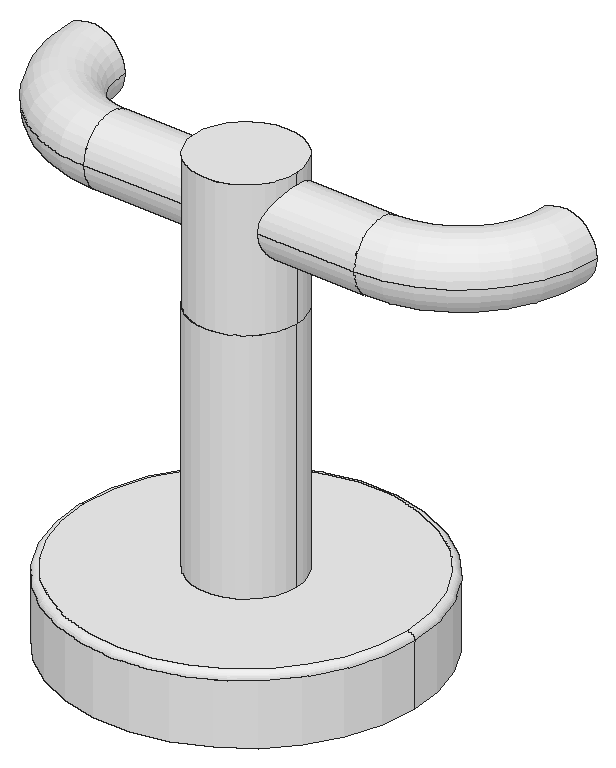
Revit family "Incepa_Acessorios_Thema_Cabide Duplo_B8001I4CR0", category Plumbing Fixtures, host Face, Revit 2014
Parameters (values of type "Cabide duplo")
  Waste Connection = no
  WFU = 0
  Vent Connection = no
  URL = "http://www.incepa.com.br"
  Type Comments = ""
  Selo de Qualidade ofcdesk = "Standard"
  Model = "B8001I4CR0"
  Metais [instance] = Celite - Cromado
  Manufacturer = "Incepa"
  Keynote = ""
  Incepa: Versão = "Autodesk Revit MEP 2014"
  Incepa: Tipo = "Cabides"
  Incepa: Produto = "Metais"
  Incepa: Norma [instance] = "ABNT NBR 10282: 2003"
  Incepa: Linha = "Thema"
  Incepa: Informações Técnicas = "N/A"
  Incepa: Informações Gerais = "N/A"
  Incepa: Fabricante = "Incepa"
  Incepa: Descrição = "Cabide duplo Thema (B8001I4CR0), Acessórios - Metais Incepa"
  Incepa: Código = "B8001I4CR0"
  Incepa: Cores Disponíveis = "Cromado"
  Incepa: Copyright © = "© 2014 Incepa"
  Incepa: Categoria = "Acessórios"
  Incepa: Altura da Peça [instance] = 0 mm
  HWFU = 0
  HW Connection = no
  Desenvolvido por = "ofcdesk"
  Description = "Cabide duplo Thema (B8001I4CR0), Acessórios - Metais Incepa"
  Default Elevation = 1400 mm
  Cost = 0
  CWFU = 0
  CW Connection = no
  Assembly Code = "D2010"
Reference planes
  plane 1 "Center (Front/Back)": y = 0
  plane 2: z = 0
  plane 3 "Center (Left/Right)": x = 0
Forms (mm)
  Extrusion 1, solid, material "Celite - Cromado" <- "Metais"
    sketch origin (0, 0, 0) x (1, 0, 0) y (0, 1, 0)
      loop
        circle (0, 0) r 7.5
    from 0 to 45
  Extrusion 2, solid, material "Celite - Cromado" <- "Metais"
    sketch origin (0, 0, 0) x (1, 0, 0) y (0, 1, 0)
      loop
        circle (0, 0) r 7.5
    from 45 to 65
  Sweep 3, solid, material "Celite - Cromado" <- "Metais"
    path origin (0, 0, 0) x (1, 0, 0) y (0, 1, 0)
      loop
        circle (0, 0) r 25
    profile origin (0, 25, 0) x (0, -1, 0) y (0, 0, 1)
      loop
        line (0, 0) -> (17.5, 0) -> (17.5, 10) -> (1, 10)
        arc (1, 10) -> (0.293, 9.707) -> (0, 9) r 1
        line (0, 9) -> (0, 0)
  Sweep 4, solid, material "Celite - Cromado" <- "Metais"
    path origin (0, 0, 0) x (1, 0, 0) y (0, 1, 0)
      loop
        arc (-35, 15) -> (-30.607, 4.393) -> (-20, 0) r 15
        line (-20, 0) -> (20, 0)
        arc (20, 0) -> (30.607, 4.393) -> (35, 15) r 15
    profile origin (0, 0, 0) x (0, 1, 0) y (0, 0, 1)
      loop
        circle (0, 58.5) r 5
Cuts and joins
  joined: Extrusion 2, Sweep 4
  joined: Extrusion 1, Sweep 3
Dimensions and locks
  aligned and locked: plane 2 to host face
  aligned and locked: level to host face
